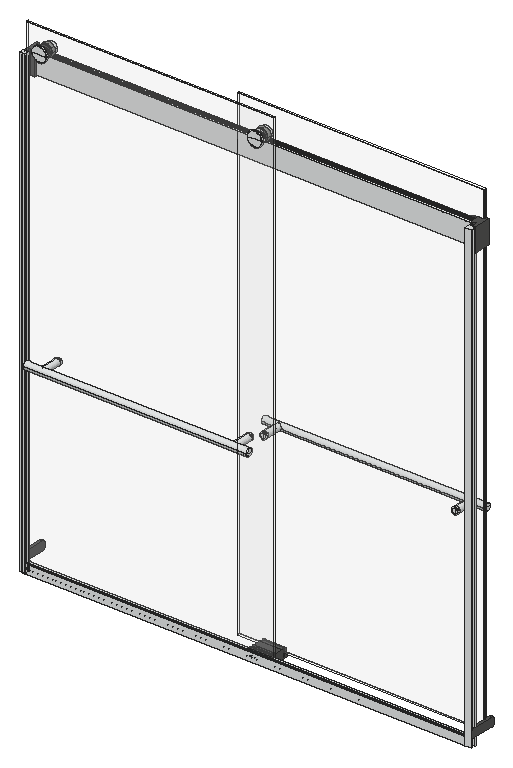
Revit family "Shower-Shower_Door-KOHLER-Levity_Plus-K-702420", category Specialty Equipment, host Face, Revit 2022 (continued)
Definition of nested family "K-702420"
  Dimensions and locks (in)
    aligned and locked: cut or joined group of Extrusion 15, Extrusion 16 to plane 6
    aligned and locked: Masking region 3 sketch curve to plane 20
    aligned and locked: curve 85 to Extrusion 13
    aligned and locked: curve 98 to Revolve 27
    aligned and locked: curve 99 to Masking region 4
    aligned and locked: Masking region 4 to curve 99
    aligned and locked: Masking region 4 to curve 105
    aligned and locked: curve 106 to Masking region 4
    aligned and locked: Masking region 4 to curve 106
    aligned and locked: curve 105 to Masking region 4
    aligned and locked: Masking region 4 to curve 104
    aligned and locked: Masking region 4 to curve 107
    aligned and locked: curve 108 to Masking region 4
    aligned and locked: Masking region 3 to curve 110
    aligned and locked: Extrusion 10 to curve 111
    aligned and locked: Extrusion 10 to curve 110
    aligned and locked: Masking region 3 to curve 111
    aligned and locked: curve 113 to Revolve 19
    aligned and locked: curve 114 to Revolve 19
    aligned and locked: curve 115 to Revolve 19
    aligned and locked: curve 104 to Masking region 4
    aligned and locked: curve 151 to Revolve 6
    aligned and locked: curve 152 to plane 30
    aligned and locked: curve 154 to Revolve 6
    aligned and locked: Masking region 3 to curve 109
    aligned and locked: curve 161 to Masking region 3
    aligned and locked: Masking region 3 to curve 162
    aligned and locked: Revolve 6 to curve 163
    aligned and locked: Masking region 3 to curve 169
    aligned and locked: curve 180 to Masking region 3
    aligned and locked: Masking region 3 to curve 183  (x2)
    aligned and locked: curve 189 to Masking region 3
    aligned and locked: Revolve 29 sketch curve to Revolve 27  (x2)
  Automatic sketch dimensions
    Extrusion 1 sketch curve to plane 5 = 0"
    Extrusion 1 sketch curve to Extrusion 1 sketch curve = 0.03079"
    plane 5 to Extrusion 1 sketch curve = 0.0315"
    Extrusion 1 sketch curve to Extrusion 1 sketch curve = 0.2541"
    Extrusion 1 sketch curve to Extrusion 1 sketch curve = 0.25668"
    plane 5 to Extrusion 1 sketch curve = 81/256"
    Extrusion 1 sketch curve to Extrusion 1 sketch curve = 0.0315"  (x2)
    Extrusion 1 sketch curve to Extrusion 1 sketch curve = 0.60218"
    Extrusion 1 sketch curve to Extrusion 1 sketch curve = 0.03039"
    Extrusion 1 sketch curve to plane 1 "Center (Front/Back)" = 0.35413"
    Extrusion 1 sketch curve to Extrusion 1 sketch curve = 0.47171"
    Extrusion 1 sketch curve to Extrusion 1 sketch curve = 1.10192"
    Extrusion 1 sketch curve to Extrusion 1 sketch curve = 0.00743"
    Extrusion 1 sketch curve to Extrusion 1 sketch curve = 0.34229"
    Extrusion 2 sketch curve to plane 5 = 0"  (x2)
    plane 1 "Center (Front/Back)" to Extrusion 2 sketch curve = 0"  (x2)
    plane 5 to Extrusion 2 sketch curve = 0.05752"  (x2)
    plane 5 to Extrusion 2 sketch curve = 0.18908"
    Extrusion 2 sketch curve to Extrusion 2 sketch curve = 0.04131"
    Extrusion 2 sketch curve to Extrusion 2 sketch curve = 0.09136"
    Extrusion 2 sketch curve to Extrusion 2 sketch curve = 0.19461"  (x2)
    Extrusion 2 sketch curve to Extrusion 2 sketch curve = 0.14115"  (x2)
    plane 1 "Center (Front/Back)" to Extrusion 2 sketch curve = 0.32797"
    Extrusion 2 sketch curve to Extrusion 2 sketch curve = 0.00361"  (x2)
    Extrusion 2 sketch curve to Extrusion 2 sketch curve = 0.10339"
    plane 1 "Center (Front/Back)" to Extrusion 2 sketch curve = 0.30702"
    Extrusion 2 sketch curve to Extrusion 2 sketch curve = 0.03454"  (x2)
    Extrusion 2 sketch curve to Extrusion 2 sketch curve = 0.01994"  (x2)
    Extrusion 2 sketch curve to Extrusion 2 sketch curve = 0.04271"  (x2)
    Extrusion 2 sketch curve to Extrusion 2 sketch curve = 0.06265"
    Extrusion 2 sketch curve to plane 1 "Center (Front/Back)" = 0.20982"
    Extrusion 2 sketch curve to Extrusion 2 sketch curve = 0"
    Extrusion 2 sketch curve to plane 1 "Center (Front/Back)" = 0.22464"
    Extrusion 3 sketch curve to plane 5 = 0"
    Extrusion 3 sketch curve to Extrusion 3 sketch curve = 0.05752"  (x2)
    plane 1 "Center (Front/Back)" to Extrusion 3 sketch curve = 0.32797"
    Extrusion 3 sketch curve to Extrusion 3 sketch curve = 0.59999"  (x2)
    Extrusion 3 sketch curve to Extrusion 3 sketch curve = 0.00361"  (x2)
    Extrusion 3 sketch curve to Extrusion 3 sketch curve = 0.10339"
    plane 1 "Center (Front/Back)" to Extrusion 3 sketch curve = 0.30702"
    Extrusion 3 sketch curve to Extrusion 3 sketch curve = 0.05449"  (x2)
    Extrusion 3 sketch curve to plane 1 "Center (Front/Back)" = 0.22464"
    Extrusion 3 sketch curve to plane 1 "Center (Front/Back)" = 0.25253"
    plane 1 "Center (Front/Back)" to Extrusion 4 sketch curve = 0.20982"
    plane 16 to Extrusion 4 sketch curve = 1.55993"
    Extrusion 4 sketch curve to Extrusion 4 sketch curve = 0.01972"
    Extrusion 4 sketch curve to Extrusion 4 sketch curve = 0.25882"
    level to Extrusion 4 sketch curve = 1.05663"
    Extrusion 4 sketch curve to Extrusion 4 sketch curve = 0.57809"
    Extrusion 5 sketch curve to level = 0"
    Extrusion 5 sketch curve to plane 1 "Center (Front/Back)" = 0"
    plane 1 "Center (Front/Back)" to Extrusion 5 sketch curve = 0.19878"
    Extrusion 5 sketch curve to plane 1 "Center (Front/Back)" = 3/128"
    Extrusion 5 sketch curve to Extrusion 5 sketch curve = 0.04434"
    Extrusion 5 sketch curve to Extrusion 5 sketch curve = 0.04019"
    Extrusion 5 sketch curve to Extrusion 5 sketch curve = 0.07819"
    Extrusion 5 sketch curve to Extrusion 5 sketch curve = 0.0297"
    Extrusion 5 sketch curve to Extrusion 5 sketch curve = 0.02696"
    level to Extrusion 5 sketch curve = 0.07959"
    Extrusion 5 sketch curve to plane 1 "Center (Front/Back)" = 0.14319"
    Extrusion 5 sketch curve to Extrusion 5 sketch curve = 0.05652"
    Extrusion 5 sketch curve to Extrusion 5 sketch curve = 0.06857"
    Extrusion 5 sketch curve to Extrusion 5 sketch curve = 0.02971"
    Extrusion 5 sketch curve to Extrusion 5 sketch curve = 0.03753"
    Extrusion 5 sketch curve to Extrusion 5 sketch curve = 0.02998"
    Extrusion 5 sketch curve to Extrusion 5 sketch curve = 45/128"
    Extrusion 5 sketch curve to Extrusion 5 sketch curve = 0.34333"
    Extrusion 5 sketch curve to Extrusion 5 sketch curve = 0.07224"
    Extrusion 5 sketch curve to Extrusion 5 sketch curve = 0.01101"
    Extrusion 5 sketch curve to Extrusion 5 sketch curve = 15/128"
    Extrusion 5 sketch curve to Extrusion 5 sketch curve = 0.50603"
    Extrusion 5 sketch curve to Extrusion 5 sketch curve = 0.00157"
    Extrusion 5 sketch curve to Extrusion 5 sketch curve = 0.02425"
    Extrusion 5 sketch curve to Extrusion 5 sketch curve = 0.01999"
    Extrusion 5 sketch curve to Extrusion 5 sketch curve = 0.04542"
    Extrusion 5 sketch curve to Extrusion 5 sketch curve = 0.01816"
    Revolve 6 sketch curve to plane 12 = 0"  (x2)
    Revolve 6 sketch curve to plane 1 "Center (Front/Back)" = 1.79905"
    Revolve 6 sketch curve to Revolve 6 sketch curve = 0.36643"
    Revolve 6 sketch curve to Revolve 6 sketch curve = 0.18701"  (x2)
    Revolve 6 sketch curve to Revolve 6 sketch curve = 0.13646"
    Revolve 6 sketch curve to Revolve 6 sketch curve = 0.19685"  (x2)
    Revolve 6 sketch curve to Revolve 6 sketch curve = 0.312"
    Revolve 6 sketch curve to plane 1 "Center (Front/Back)" = 0.06827"
    Revolve 6 sketch curve to plane 1 "Center (Front/Back)" = 0.02811"
    plane 1 "Center (Front/Back)" to Revolve 6 sketch curve = 0.09751"
    Revolve 6 sketch curve to Revolve 6 sketch curve = 0.04293"
    plane 12 to Revolve 6 sketch curve = 0.4638"
    plane 12 to Revolve 6 sketch curve = 0.47661"
    Revolve 6 sketch curve to Revolve 6 sketch curve = 0.05951"
    Revolve 6 sketch curve to Revolve 6 sketch curve = 0.21742"
    Revolve 6 sketch curve to Revolve 6 sketch curve = 0.26917"
    Revolve 6 sketch curve to Revolve 6 sketch curve = 0.05219"
    Revolve 6 sketch curve to Revolve 6 sketch curve = 0.23207"
    Revolve 6 sketch curve to Revolve 6 sketch curve = 0.00276"
    Revolve 6 sketch curve to Revolve 6 sketch curve = 0.04017"
    Revolve 6 sketch curve to Revolve 6 sketch curve = 0.98425"
    Revolve 6 sketch curve to Revolve 6 sketch curve = 0"
    Revolve 7 sketch curve to plane 11 = 0"  (x2)
    Revolve 7 sketch curve to plane 1 "Center (Front/Back)" = 1.79905"
    Revolve 7 sketch curve to Revolve 7 sketch curve = 0.36643"
    Revolve 7 sketch curve to Revolve 7 sketch curve = 0.18701"  (x2)
    Revolve 7 sketch curve to Revolve 7 sketch curve = 0.13646"
    Revolve 7 sketch curve to Revolve 7 sketch curve = 0.19685"  (x2)
    Revolve 7 sketch curve to Revolve 7 sketch curve = 0.35769"
    Revolve 7 sketch curve to plane 1 "Center (Front/Back)" = 0.06827"
    Revolve 7 sketch curve to plane 1 "Center (Front/Back)" = 0.02811"
    plane 1 "Center (Front/Back)" to Revolve 7 sketch curve = 0.09751"
    Revolve 7 sketch curve to Revolve 7 sketch curve = 0.04293"
    plane 11 to Revolve 7 sketch curve = 0.4638"
    plane 11 to Revolve 7 sketch curve = 0.47661"
    Revolve 7 sketch curve to Revolve 7 sketch curve = 0.05951"
    Revolve 7 sketch curve to Revolve 7 sketch curve = 0.21742"
    Revolve 7 sketch curve to Revolve 7 sketch curve = 0.26917"
    Revolve 7 sketch curve to Revolve 7 sketch curve = 0.05219"
    Revolve 7 sketch curve to Revolve 7 sketch curve = 0.23207"
    Revolve 7 sketch curve to Revolve 7 sketch curve = 0.00276"
    Revolve 7 sketch curve to Revolve 7 sketch curve = 0.04017"
    Revolve 7 sketch curve to Revolve 7 sketch curve = 0.98425"
    Revolve 7 sketch curve to Revolve 7 sketch curve = 0"
    Extrusion 8 sketch curve to plane 8 = 0"
    Extrusion 8 sketch curve to plane 9 = 0"  (x2)
    Extrusion 8 sketch curve to plane 1 "Center (Front/Back)" = 0.97838"
    Extrusion 8 sketch curve to plane 9 = 0.01983"
    Extrusion 8 sketch curve to Extrusion 8 sketch curve = 0.04771"
    Extrusion 8 sketch curve to plane 9 = 0.17086"
    Extrusion 8 sketch curve to Extrusion 8 sketch curve = 0.19946"
    Extrusion 8 sketch curve to Extrusion 8 sketch curve = 0.06749"
    Extrusion 8 sketch curve to Extrusion 8 sketch curve = 0.07625"
    Extrusion 8 sketch curve to plane 9 = 0.09209"
    Extrusion 8 sketch curve to Extrusion 8 sketch curve = 0.10945"
    Extrusion 8 sketch curve to Extrusion 8 sketch curve = 0.00724"
    Extrusion 8 sketch curve to Extrusion 8 sketch curve = 0.01781"
    Extrusion 8 sketch curve to Extrusion 8 sketch curve = 0.07472"
    plane 8 to Extrusion 8 sketch curve = 0.24844"
    Extrusion 8 sketch curve to Extrusion 8 sketch curve = 0.26709"
    Extrusion 8 sketch curve to Extrusion 8 sketch curve = 0.25238"
    Extrusion 8 sketch curve to Extrusion 8 sketch curve = 0.11432"
    Extrusion 8 sketch curve to Extrusion 8 sketch curve = 0.167"
    Extrusion 8 sketch curve to Extrusion 8 sketch curve = 0.38221"
    Extrusion 8 sketch curve to Extrusion 8 sketch curve = 0.02708"
    plane 8 to Extrusion 8 sketch curve = 0.06014"
    Extrusion 8 sketch curve to Extrusion 8 sketch curve = 0.03426"
    Extrusion 8 sketch curve to Extrusion 8 sketch curve = 0.04358"
    Extrusion 8 sketch curve to Extrusion 8 sketch curve = 0.05805"
    Extrusion 8 sketch curve to Extrusion 8 sketch curve = 0.04965"
    Extrusion 8 sketch curve to Extrusion 8 sketch curve = 0.03062"
    Extrusion 8 sketch curve to Extrusion 8 sketch curve = 0.27127"
    Extrusion 8 sketch curve to Extrusion 8 sketch curve = 0.01337"
    Extrusion 8 sketch curve to Extrusion 8 sketch curve = 1/8"
    Extrusion 8 sketch curve to Extrusion 8 sketch curve = 0.62317"
    Extrusion 8 sketch curve to Extrusion 8 sketch curve = 0.09894"
    Extrusion 8 sketch curve to Extrusion 8 sketch curve = 0.11003"
    Extrusion 8 sketch curve to Extrusion 8 sketch curve = 0.06863"
    Extrusion 8 sketch curve to Extrusion 8 sketch curve = 0.04403"
    Extrusion 8 sketch curve to Extrusion 8 sketch curve = 0.07343"
    Extrusion 8 sketch curve to Extrusion 8 sketch curve = 0.06223"
    Extrusion 9 sketch curve to plane 3 "Center (Left/Right)" = 0.06152"  (x2)
    Extrusion 9 sketch curve to plane 1 "Center (Front/Back)" = 0.7253"
    Extrusion 9 sketch curve to Extrusion 9 sketch curve = 0.156"  (x2)
    Extrusion 9 sketch curve to plane 3 "Center (Left/Right)" = 0.22365"
    plane 5 to Extrusion 9 sketch curve = 0.56656"
    Extrusion 9 sketch curve to Extrusion 9 sketch curve = 0.18895"
    Extrusion 10 sketch curve to level = 0"
    Extrusion 10 sketch curve to plane 1 "Center (Front/Back)" = 0.30693"
    Extrusion 10 sketch curve to Extrusion 10 sketch curve = 0.16911"
    Extrusion 10 sketch curve to Extrusion 10 sketch curve = 0.03435"
    Extrusion 10 sketch curve to Extrusion 10 sketch curve = 0.04675"
    Extrusion 10 sketch curve to Extrusion 10 sketch curve = 0.27567"
    Extrusion 10 sketch curve to Extrusion 10 sketch curve = 0.02104"  (x2)
    level to Extrusion 10 sketch curve = 0.22974"  (x2)
    Extrusion 10 sketch curve to Extrusion 10 sketch curve = 0.10752"
    Extrusion 10 sketch curve to Extrusion 10 sketch curve = 0.08964"  (x2)
    Extrusion 10 sketch curve to Extrusion 10 sketch curve = 0.18469"  (x2)
    level to Extrusion 10 sketch curve = 0.22333"  (x2)
    Extrusion 10 sketch curve to Extrusion 10 sketch curve = 0.08608"  (x2)
    Extrusion 10 sketch curve to plane 1 "Center (Front/Back)" = 0.99117"
    Extrusion 10 sketch curve to Extrusion 10 sketch curve = 0.41665"  (x2)
    Extrusion 10 sketch curve to Extrusion 10 sketch curve = 0.04608"  (x2)
    Extrusion 10 sketch curve to Extrusion 10 sketch curve = 1.03242"
    level to Extrusion 10 sketch curve = 1.02412"
    Extrusion 10 sketch curve to Extrusion 10 sketch curve = 0.04197"
    Extrusion 10 sketch curve to Extrusion 10 sketch curve = 0.13366"
    level to Extrusion 10 sketch curve = 1.04611"
    Extrusion 10 sketch curve to Extrusion 10 sketch curve = 0.02291"
    Extrusion 10 sketch curve to Extrusion 10 sketch curve = 0.2467"
    level to Extrusion 10 sketch curve = 0.08994"
    Extrusion 10 sketch curve to Extrusion 10 sketch curve = 0.03772"
    Extrusion 10 sketch curve to Extrusion 10 sketch curve = 0.08809"
    Extrusion 10 sketch curve to Extrusion 10 sketch curve = 0.08169"
    Extrusion 10 sketch curve to Extrusion 10 sketch curve = 0.79837"
    Extrusion 10 sketch curve to Extrusion 10 sketch curve = 0.00241"
    Extrusion 10 sketch curve to Extrusion 10 sketch curve = 0.0012"
    Extrusion 10 sketch curve to Extrusion 10 sketch curve = 0.02268"
    Extrusion 10 sketch curve to Extrusion 10 sketch curve = 0.02105"
    Extrusion 10 sketch curve to Extrusion 10 sketch curve = 0.00037"
    Extrusion 10 sketch curve to Extrusion 10 sketch curve = 1.18136"
    plane 18 "X" to Revolve 11 sketch curve = 0"  (x2)
    Revolve 11 sketch curve to plane 18 "X" = 0.60618"
    Revolve 11 sketch curve to Revolve 11 sketch curve = 0.05802"
    Revolve 11 sketch curve to Revolve 11 sketch curve = 0.12991"
    Revolve 11 sketch curve to Revolve 11 sketch curve = 0.23375"
    Revolve 11 sketch curve to Revolve 11 sketch curve = 0.00086"
    Revolve 11 sketch curve to Revolve 11 sketch curve = 0.04165"  (x2)
    plane 16 to Revolve 11 sketch curve = 1.44522"
    Revolve 11 sketch curve to Revolve 11 sketch curve = 0.04078"
    Revolve 11 sketch curve to Revolve 11 sketch curve = 0.12631"
    Revolve 11 sketch curve to Revolve 11 sketch curve = 0.29364"
    Revolve 11 sketch curve to Revolve 11 sketch curve = 0.3614"
    Revolve 11 sketch curve to Revolve 11 sketch curve = 0.25664"
    Revolve 11 sketch curve to Revolve 11 sketch curve = 0.3937"
    Revolve 11 sketch curve to Revolve 11 sketch curve = 0.50511"
    plane 18 "X" to Revolve 12 sketch curve = 0"  (x2)
    Revolve 12 sketch curve to plane 18 "X" = 0.60618"
    Revolve 12 sketch curve to Revolve 12 sketch curve = 0.05802"
    Revolve 12 sketch curve to Revolve 12 sketch curve = 0.12991"
    Revolve 12 sketch curve to Revolve 12 sketch curve = 0.23375"
    Revolve 12 sketch curve to Revolve 12 sketch curve = 0.00086"
    Revolve 12 sketch curve to Revolve 12 sketch curve = 0.04165"  (x2)
    plane 16 to Revolve 12 sketch curve = 1.44522"
    Revolve 12 sketch curve to Revolve 12 sketch curve = 0.04078"
    Revolve 12 sketch curve to Revolve 12 sketch curve = 0.12631"
    Revolve 12 sketch curve to Revolve 12 sketch curve = 0.29364"
    Revolve 12 sketch curve to Revolve 12 sketch curve = 0.3614"
    Revolve 12 sketch curve to Revolve 12 sketch curve = 0.25664"
    Revolve 12 sketch curve to Revolve 12 sketch curve = 0.3937"
    Revolve 12 sketch curve to Revolve 12 sketch curve = 0.50511"
    plane 1 "Center (Front/Back)" to Extrusion 14 sketch curve = 0.23901"
    plane 16 to Extrusion 14 sketch curve = 1.55993"
    Extrusion 14 sketch curve to Extrusion 14 sketch curve = 0.01972"
    Extrusion 14 sketch curve to Extrusion 14 sketch curve = 0.25882"
    level to Extrusion 14 sketch curve = 2.13263"
    Extrusion 14 sketch curve to Extrusion 14 sketch curve = 0.57809"
    plane 9 to curve 21 = 0.25632"
    curve 8 to curve 6 = 0.0365"
    plane 9 to curve 19 = 0.21982"
    curve 8 to curve 28 = 0.07332"
    curve 12 to plane 8 = 0.19502"
    level to curve 32 = 0.72015"
    level to curve 34 = 0.08036"
    plane 16 to curve 13 = 2.07456"
    curve 22 to plane 1 "Center (Front/Back)" = 0.4133"
    curve 32 to plane 1 "Center (Front/Back)" = 0.4133"
    curve 1 to curve 23 = 0.05917"
    curve 22 to curve 21 = 0.02657"
    curve 22 to curve 25 = 0.08166"
    plane 1 "Center (Front/Back)" to curve 34 = 0.20982"
    curve 24 to curve 25 = 0.06265"
    curve 7 to plane 10 "A" = 0.4638"
    curve 6 to curve 7 = 0"
    curve 4 to curve 6 = 0.07232"
    curve 3 to curve 4 = 0"
    curve 9 to plane 1 "Center (Front/Back)" = 0.06827"
    curve 9 to curve 7 = 0.19685"
    curve 2 to curve 3 = 0.15792"
    curve 5 to curve 4 = 0.19685"
    curve 11 to plane 1 "Center (Front/Back)" = 0.02728"
    curve 11 to curve 9 = 0.27504"
    curve 11 to curve 10 = 0"
    curve 17 to plane 9 = 0.53937"
    curve 18 to curve 17 = 0"  (x2)
    curve 17 to curve 14 = 0.2754"
    curve 14 to curve 15 = 0.05796"
    curve 15 to curve 16 = 0"
    plane 8 to curve 15 = 0.47391"
    curve 15 to curve 16 = 0.00005"
    curve 15 to curve 14 = 0.05802"
    plane 8 to curve 17 = 0.1405"
    curve 20 to plane 8 = 0.19502"
    curve 20 to curve 23 = 0"
    curve 23 to curve 21 = 0"
    curve 35 to curve 32 = 1.41249"
    curve 36 to curve 32 = 1.41249"
    curve 36 to curve 37 = 0"
    curve 30 to curve 32 = 0.33649"
    curve 29 to curve 30 = 0"
    curve 30 to curve 38 = 0"
    curve 31 to curve 31 = 0.35205"
    curve 24 to curve 28 = 0"
    curve 18 to curve 13 = 0.58856"
    curve 18 to curve 17 = 0.12631"
    curve 17 to curve 14 = 0.04165"
    plane 16 to curve 29 = 1.73836"
    curve 29 to curve 29 = 0.17689"
    curve 14 to curve 15 = 0.29364"
    curve 15 to curve 16 = 0.0494"
    curve 29 to curve 35 = 0.08175"
    curve 29 to curve 30 = 0.08175"
    curve 35 to curve 35 = 0.312"
    curve 13 to curve 19 = 0.23444"
    curve 12 to curve 12 = 0.23444"
    curve 30 to curve 31 = 0.312"
    curve 19 to curve 1 = 0.36888"
    curve 2 to curve 6 = 1.01932"
    curve 2 to curve 3 = 0.37402"
    curve 30 to curve 33 = 0.62292"
    curve 3 to curve 4 = 0.13646"
    curve 20 to curve 23 = 0.37117"
    curve 30 to curve 38 = 0.31092"
    curve 4 to curve 5 = 0.19685"
    curve 36 to curve 37 = 0.45283"
    curve 32 to curve 32 = 0.19605"
    curve 36 to curve 37 = 0.14083"
    curve 20 to curve 23 = 0.05917"
    curve 6 to curve 7 = 0.04569"
    curve 34 to curve 27 = 0.05556"
    curve 37 to curve 37 = 0.05509"
    curve 39 to curve 38 = 0.03445"
    curve 27 to curve 26 = 0.06265"
    plane 1 "Center (Front/Back)" to curve 10 = 0.09747"
    curve 8 to curve 24 = 0.00657"
    Extrusion 18 sketch curve to plane 5 = 0"
    Extrusion 18 sketch curve to plane 1 "Center (Front/Back)" = 0.32797"
    plane 1 "Center (Front/Back)" to Extrusion 18 sketch curve = 0.32797"
    Extrusion 18 sketch curve to Extrusion 18 sketch curve = 0.76451"
    Revolve 19 sketch curve to plane 11 = 0"  (x2)
    Revolve 19 sketch curve to Revolve 19 sketch curve = 0.19685"  (x2)
    Revolve 19 sketch curve to Revolve 19 sketch curve = 0.13646"
    Revolve 19 sketch curve to Revolve 19 sketch curve = 0.37402"
    Revolve 19 sketch curve to Revolve 19 sketch curve = 0.36643"
    Revolve 19 sketch curve to plane 1 "Center (Front/Back)" = 0.06827"
    plane 1 "Center (Front/Back)" to Revolve 19 sketch curve = 0.14044"
    plane 11 to Revolve 19 sketch curve = 0.53612"
    Revolve 19 sketch curve to Revolve 19 sketch curve = 0.12453"
    Revolve 19 sketch curve to Revolve 19 sketch curve = 0.15792"
    Revolve 19 sketch curve to Revolve 19 sketch curve = 0.07232"
    Revolve 19 sketch curve to Revolve 19 sketch curve = 0.05219"
    Revolve 19 sketch curve to Revolve 19 sketch curve = 0.275"
    Revolve 19 sketch curve to Revolve 19 sketch curve = 0.31118"
    Revolve 20 sketch curve to plane 12 = 0"  (x2)
    Revolve 20 sketch curve to plane 1 "Center (Front/Back)" = 1.79905"
    Revolve 20 sketch curve to Revolve 20 sketch curve = 0.36643"
    Revolve 20 sketch curve to Revolve 20 sketch curve = 0.37402"
    Revolve 20 sketch curve to Revolve 20 sketch curve = 0.13646"
    Revolve 20 sketch curve to Revolve 20 sketch curve = 0.19685"  (x2)
    Revolve 20 sketch curve to plane 1 "Center (Front/Back)" = 0.06827"
    plane 1 "Center (Front/Back)" to Revolve 20 sketch curve = 0.14044"
    plane 12 to Revolve 20 sketch curve = 0.53612"
    Revolve 20 sketch curve to Revolve 20 sketch curve = 0.12453"
    Revolve 20 sketch curve to Revolve 20 sketch curve = 0.15792"
    Revolve 20 sketch curve to Revolve 20 sketch curve = 0.07232"
    Revolve 20 sketch curve to Revolve 20 sketch curve = 0.05219"
    Revolve 20 sketch curve to Revolve 20 sketch curve = 0.275"
    Revolve 20 sketch curve to Revolve 20 sketch curve = 0.31118"
    Extrusion 21 sketch curve to plane 8 = 0"
    Extrusion 21 sketch curve to plane 9 = 0"
    Extrusion 21 sketch curve to plane 1 "Center (Front/Back)" = 0.97838"
    Extrusion 21 sketch curve to Extrusion 21 sketch curve = 0.94794"
    Revolve 22 sketch curve to plane 23 "N" = 0"  (x2)
    Revolve 22 sketch curve to plane 15 = 0"  (x2)
    Revolve 22 sketch curve to plane 1 "Center (Front/Back)" = 0.7253"
    Revolve 22 sketch curve to Revolve 22 sketch curve = 0.05298"
    Revolve 22 sketch curve to Revolve 22 sketch curve = 0.20844"
    Revolve 22 sketch curve to Revolve 22 sketch curve = 0.02858"
    plane 23 "N" to Revolve 22 sketch curve = 0.31094"
    Revolve 22 sketch curve to Revolve 22 sketch curve = 0.06877"
    plane 13 to Revolve 22 sketch curve = 0.14692"
    Revolve 23 sketch curve to plane 23 "N" = 0"  (x2)
    Revolve 23 sketch curve to plane 15 = 0"  (x2)
    Revolve 23 sketch curve to plane 1 "Center (Front/Back)" = 0.7253"
    Revolve 23 sketch curve to Revolve 23 sketch curve = 0.05298"
    Revolve 23 sketch curve to Revolve 23 sketch curve = 0.20844"
    Revolve 23 sketch curve to Revolve 23 sketch curve = 0.02858"
    plane 23 "N" to Revolve 23 sketch curve = 0.31094"
    Revolve 23 sketch curve to Revolve 23 sketch curve = 0.06877"
    plane 13 to Revolve 23 sketch curve = 0.14692"
    plane 15 to Revolve 24 sketch curve = 0"  (x2)
    Revolve 24 sketch curve to plane 25 = 0"
    plane 13 to Revolve 24 sketch curve = 0"
    Revolve 24 sketch curve to plane 24 = 0"
    Revolve 24 sketch curve to plane 25 = 0.05411"
    plane 24 to Revolve 24 sketch curve = 0.05259"
    Revolve 24 sketch curve to plane 13 = 0.05411"
    Revolve 24 sketch curve to plane 13 = 0.05259"
    plane 25 to Revolve 24 sketch curve = 0.08398"
    Revolve 24 sketch curve to Revolve 24 sketch curve = 0.13456"
    Revolve 25 sketch curve to plane 23 "N" = 0"  (x2)
    plane 16 to Revolve 25 sketch curve = 2.60031"
    Revolve 25 sketch curve to Revolve 25 sketch curve = 0.02858"
    Revolve 25 sketch curve to Revolve 25 sketch curve = 0.20844"
    Revolve 25 sketch curve to Revolve 25 sketch curve = 0.05298"
    Revolve 25 sketch curve to plane 14 = 0.42618"
    plane 23 "N" to Revolve 25 sketch curve = 0.31094"
    Revolve 25 sketch curve to Revolve 25 sketch curve = 0.06877"
    Revolve 25 sketch curve to Revolve 25 sketch curve = 0.59055"
    Revolve 25 sketch curve to Revolve 25 sketch curve = 0"
    Revolve 26 sketch curve to plane 23 "N" = 0"  (x2)
    Revolve 26 sketch curve to plane 1 "Center (Front/Back)" = 1.87663"
    Revolve 26 sketch curve to Revolve 26 sketch curve = 0.02858"
    Revolve 26 sketch curve to Revolve 26 sketch curve = 0.20844"
    Revolve 26 sketch curve to Revolve 26 sketch curve = 0.05298"
    plane 16 to Revolve 26 sketch curve = 0.00131"
    plane 23 "N" to Revolve 26 sketch curve = 0.31094"
    Revolve 26 sketch curve to Revolve 26 sketch curve = 0.06877"
    Revolve 26 sketch curve to Revolve 26 sketch curve = 0.59055"
    Revolve 26 sketch curve to Revolve 26 sketch curve = 0"
    plane 16 to Revolve 27 sketch curve = 0"  (x2)
    Revolve 27 sketch curve to plane 14 = 0"
    Revolve 27 sketch curve to Revolve 27 sketch curve = 0.05025"
    Revolve 27 sketch curve to Revolve 27 sketch curve = 0.04962"
    Revolve 27 sketch curve to plane 14 = 0.04962"
    Revolve 27 sketch curve to plane 14 = 0.05025"
    Revolve 27 sketch curve to Revolve 27 sketch curve = 0.14206"
    Revolve 27 sketch curve to Revolve 27 sketch curve = 0.19685"
    Masking region 1 sketch curve to plane 4 = 0"  (x2)
    Masking region 1 sketch curve to plane 23 "N" = 0"  (x4)
    Masking region 1 sketch curve to plane 15 = 0"
    Masking region 1 sketch curve to level = 0"  (x2)
    plane 1 "Center (Front/Back)" to Masking region 1 sketch curve = 0.09747"
    Masking region 1 sketch curve to plane 10 "A" = 0.93569"
    Masking region 1 sketch curve to plane 1 "Center (Front/Back)" = 0.06827"
    Masking region 1 sketch curve to Masking region 1 sketch curve = 0.04099"
    plane 1 "Center (Front/Back)" to Masking region 1 sketch curve = 0.14044"
    Masking region 1 sketch curve to Masking region 1 sketch curve = 11/256"
    Masking region 1 sketch curve to plane 10 "A" = 0.74622"
    Masking region 1 sketch curve to Masking region 1 sketch curve = 0"  (x6)
    Masking region 1 sketch curve to Masking region 1 sketch curve = 0.01326"
    Masking region 1 sketch curve to Masking region 1 sketch curve = 0.05219"
    Masking region 1 sketch curve to Masking region 1 sketch curve = 0.07232"
    Masking region 1 sketch curve to Masking region 1 sketch curve = 0.19685"  (x2)
    Masking region 1 sketch curve to Masking region 1 sketch curve = 0.04123"
    plane 9 to Masking region 1 sketch curve = 0.25632"
    plane 9 to Masking region 1 sketch curve = 0.21982"
    Masking region 1 sketch curve to plane 9 = 0.53937"
    Masking region 1 sketch curve to Masking region 1 sketch curve = 0.04078"  (x4)
    Masking region 1 sketch curve to Masking region 1 sketch curve = 0.04165"  (x3)
    Masking region 1 sketch curve to Masking region 1 sketch curve = 0.23375"
    Masking region 1 sketch curve to Masking region 1 sketch curve = 0.05796"  (x2)
    plane 8 to Masking region 1 sketch curve = 0.47386"
    plane 8 to Masking region 1 sketch curve = 0.18215"
    plane 8 to Masking region 1 sketch curve = 0.18128"
    Masking region 1 sketch curve to plane 8 = 0.19502"  (x2)
    Masking region 1 sketch curve to plane 1 "Center (Front/Back)" = 2.16793"
    plane 23 "N" to Masking region 1 sketch curve = 8.53835"
    Masking region 1 sketch curve to plane 1 "Center (Front/Back)" = 0.7253"  (x2)
    Masking region 1 sketch curve to Masking region 1 sketch curve = 0.49901"
    Masking region 1 sketch curve to Masking region 1 sketch curve = 0.1255"  (x2)
    plane 23 "N" to Masking region 1 sketch curve = 0.41137"  (x2)
    Masking region 1 sketch curve to Masking region 1 sketch curve = 0.01592"  (x2)
    Masking region 1 sketch curve to Masking region 1 sketch curve = 0.00199"
    plane 16 to Masking region 1 sketch curve = 0.16137"  (x2)
    plane 23 "N" to Masking region 1 sketch curve = 0.39345"
    Masking region 1 sketch curve to Masking region 1 sketch curve = 0.01868"
    Masking region 1 sketch curve to Masking region 1 sketch curve = 0.03133"  (x3)
    Masking region 1 sketch curve to Masking region 1 sketch curve = 0.14387"
    Masking region 1 sketch curve to Masking region 1 sketch curve = 0.12518"  (x2)
    Masking region 1 sketch curve to plane 23 "N" = 0.2675"  (x2)
    Masking region 1 sketch curve to Masking region 1 sketch curve = 0.11254"  (x2)
    Masking region 1 sketch curve to plane 23 "N" = 0.39345"  (x2)
    Masking region 1 sketch curve to Masking region 1 sketch curve = 0.12795"
    Masking region 1 sketch curve to plane 1 "Center (Front/Back)" = 0.4133"
    Masking region 1 sketch curve to Masking region 1 sketch curve = 3.94269"
    Masking region 1 sketch curve to plane 1 "Center (Front/Back)" = 0.99117"
    level to Masking region 1 sketch curve = 2.24921"
    Masking region 1 sketch curve to Masking region 1 sketch curve = 0.11658"
    Masking region 1 sketch curve to Masking region 1 sketch curve = 0.25882"
    Masking region 1 sketch curve to Masking region 1 sketch curve = 0.57809"
    level to Masking region 1 sketch curve = 1.05663"
    Masking region 1 sketch curve to Masking region 1 sketch curve = 0.23909"
    Masking region 1 sketch curve to Masking region 1 sketch curve = 0.03251"
    Masking region 1 sketch curve to Masking region 1 sketch curve = 0.00241"
    Masking region 1 sketch curve to Masking region 1 sketch curve = 0.33649"
    Masking region 1 sketch curve to Masking region 1 sketch curve = 0.35205"
    level to Masking region 1 sketch curve = 0.2313"  (x2)
    Masking region 1 sketch curve to Masking region 1 sketch curve = 0.00156"  (x2)
    Masking region 1 sketch curve to Masking region 1 sketch curve = 0.00346"  (x2)
    Masking region 1 sketch curve to Masking region 1 sketch curve = 0.00451"  (x2)
    Masking region 1 sketch curve to Masking region 1 sketch curve = 0.06772"
    Masking region 1 sketch curve to Masking region 1 sketch curve = 0.0862"  (x2)
    Masking region 1 sketch curve to Masking region 1 sketch curve = 0.03435"
    Masking region 1 sketch curve to Masking region 1 sketch curve = 0.03772"
    level to Masking region 1 sketch curve = 0.08036"
    Masking region 1 sketch curve to Masking region 1 sketch curve = 0.01035"
    plane 16 to Masking region 1 sketch curve = 0.00131"
    plane 16 to Masking region 1 sketch curve = 1.30112"
    Masking region 1 sketch curve to Masking region 1 sketch curve = 0.86378"
    Masking region 1 sketch curve to Masking region 1 sketch curve = 0.12631"  (x2)
    Masking region 1 sketch curve to Masking region 1 sketch curve = 0.52103"
    Masking region 1 sketch curve to Masking region 1 sketch curve = 0.19815"
    Masking region 1 sketch curve to Masking region 1 sketch curve = 0.17689"
    Masking region 1 sketch curve to Masking region 1 sketch curve = 0.27433"
    Masking region 1 sketch curve to Masking region 1 sketch curve = 0.29364"  (x2)
    Masking region 1 sketch curve to Masking region 1 sketch curve = 0.312"  (x4)
    Masking region 1 sketch curve to Masking region 1 sketch curve = 0.3829"
    plane 16 to Masking region 1 sketch curve = 1.997"
    Masking region 1 sketch curve to Masking region 1 sketch curve = 0.08175"
    Masking region 1 sketch curve to Masking region 1 sketch curve = 0.69668"
    Masking region 1 sketch curve to Masking region 1 sketch curve = 0.19286"  (x2)
    Masking region 1 sketch curve to Masking region 1 sketch curve = 0.36888"
    Masking region 1 sketch curve to Masking region 1 sketch curve = 0.36643"
    Masking region 1 sketch curve to Masking region 1 sketch curve = 0.18701"
    Masking region 1 sketch curve to Masking region 1 sketch curve = 0.0752"
    Masking region 1 sketch curve to Masking region 1 sketch curve = 0.03015"
    Masking region 1 sketch curve to Masking region 1 sketch curve = 0.22419"
    Masking region 1 sketch curve to Masking region 1 sketch curve = 0.01285"
    Masking region 1 sketch curve to Masking region 1 sketch curve = 0.13646"
    Masking region 1 sketch curve to Masking region 1 sketch curve = 0.29499"
    Masking region 1 sketch curve to Masking region 1 sketch curve = 0.18469"
    Masking region 1 sketch curve to Masking region 1 sketch curve = 0.11595"
    Masking region 1 sketch curve to Masking region 1 sketch curve = 0.06077"
    Masking region 1 sketch curve to Masking region 1 sketch curve = 0.04675"
    Masking region 1 sketch curve to Masking region 1 sketch curve = 0.05319"
    Masking region 1 sketch curve to Masking region 1 sketch curve = 0.04569"
    Masking region 1 sketch curve to Masking region 1 sketch curve = 0.08574"  (x2)
    Masking region 1 sketch curve to Masking region 1 sketch curve = 0.14848"
    Masking region 1 sketch curve to plane 1 "Center (Front/Back)" = 0.02728"
    plane 1 "Center (Front/Back)" to Masking region 1 sketch curve = 0.19878"
    Masking region 1 sketch curve to Masking region 1 sketch curve = 0.12925"
    Masking region 1 sketch curve to Masking region 1 sketch curve = 0.18759"
    Masking region 1 sketch curve to plane 15 = 0.20495"  (x2)
    curve 59 to curve 60 = 0"  (x2)
    curve 65 to curve 66 = 0"  (x2)
    curve 65 to curve 67 = 0"  (x2)
    curve 66 to curve 67 = 0"  (x2)
    curve 65 to plane 23 "N" = 0"
    curve 67 to plane 15 = 0"
    curve 60 to plane 23 "N" = 0"
    curve 60 to plane 16 = 0"
    curve 58 to plane 23 "N" = 0"
    curve 58 to plane 16 = 0.00063"
    curve 66 to plane 13 = 0.05259"
    curve 67 to plane 15 = 0.20495"  (x2)
    plane 1 "Center (Front/Back)" to curve 64 = 0.32803"
    curve 63 to plane 1 "Center (Front/Back)" = 0.32756"
    curve 63 to curve 62 = 0.08574"
    curve 62 to curve 61 = 0.312"
    plane 23 "N" to curve 56 = 0.39479"
    curve 61 to curve 56 = 1.44132"
    curve 56 to curve 57 = 0.31331"
    curve 60 to curve 59 = 0.37525"
    plane 16 to curve 58 = 0.16137"  (x2)
    curve 56 to plane 23 "N" = 0.39262"
    curve 67 to plane 23 "N" = 0.39345"
    curve 62 to plane 23 "N" = 0.39345"
    curve 58 to plane 23 "N" = 0.39345"
    curve 63 to curve 62 = 0"  (x2)
    curve 64 to plane 23 "N" = 0.39345"
    curve 57 to curve 56 = 0.00084"
    curve 61 to curve 62 = 0.00199"
    plane 23 "N" to curve 64 = 0.39345"
    plane 23 "N" to curve 62 = 0.39345"
    curve 57 to curve 56 = 0.00133"
    curve 62 to curve 61 = 0.00199"
    curve 44 to curve 45 = 0"  (x2)
    curve 46 to curve 47 = 0"  (x2)
    curve 69 to plane 24 = 0"
    curve 44 to plane 10 "A" = 0"
    plane 11 to curve 44 = 0"
    curve 47 to plane 10 "A" = 0"
    plane 12 to curve 47 = 0"
    curve 71 to plane 25 = 0"
    curve 48 to level = 0"
    curve 48 to plane 3 "Center (Left/Right)" = 0"
    curve 68 to plane 23 "N" = 0"
    curve 68 to plane 27 "P" = 0"
    curve 54 to plane 9 = 0"
    curve 55 to plane 8 = 0"
    curve 52 to plane 6 = 0"
    curve 49 to plane 20 = 0"
    curve 53 to plane 7 = 0"
    curve 74 to plane 23 "N" = 0"
    curve 72 to plane 23 "N" = 0"
    curve 48 to plane 4 = 0"
    plane 9 to curve 40 = 0.25632"
    plane 5 to curve 40 = 0.76451"
    plane 24 to curve 79 = 0.05259"
    curve 76 to plane 25 = 0.05438"
    curve 51 to curve 51 = 0.21268"
    level to curve 41 = 0.08036"
    curve 79 to plane 23 "N" = 0.44371"
    curve 75 to curve 74 = 0.05259"
    curve 75 to curve 76 = 0.05438"
    curve 72 to curve 72 = 0.38933"
    plane 23 "N" to curve 73 = 0.39112"
    curve 71 to curve 70 = 0.05438"
    curve 50 to curve 55 = 0.19647"
    plane 9 to curve 53 = 0.13266"
    plane 5 to curve 42 = 0.32175"
    plane 5 to curve 40 = 0.32149"
    level to curve 52 = 0.07959"
    curve 52 to curve 43 = 0.96744"
    plane 16 to Extrusion 13 sketch curve = 2.07265"
    Extrusion 13 sketch curve to Extrusion 13 sketch curve = 0.10187"
    Extrusion 13 sketch curve to plane 20 = 0.03713"
    Extrusion 13 sketch curve to Extrusion 13 sketch curve = 0.20309"
    plane 20 to Extrusion 13 sketch curve = 0.05161"
    Extrusion 13 sketch curve to Extrusion 13 sketch curve = 0.06158"
    Extrusion 13 sketch curve to plane 6 = 0.21268"
    Extrusion 13 sketch curve to plane 1 "Center (Front/Back)" = 0.96774"
    Extrusion 13 sketch curve to Extrusion 13 sketch curve = 0.06723"
    plane 20 to Extrusion 13 sketch curve = 0.01208"
    Extrusion 13 sketch curve to Extrusion 13 sketch curve = 0.06013"
    Extrusion 13 sketch curve to plane 1 "Center (Front/Back)" = 0.37453"
    Extrusion 13 sketch curve to plane 20 = 0.03488"
    Extrusion 15 sketch curve to plane 7 = 0"
    Extrusion 15 sketch curve to plane 1 "Center (Front/Back)" = 0.32756"
    Extrusion 15 sketch curve to Extrusion 15 sketch curve = 0.07874"  (x2)
    plane 1 "Center (Front/Back)" to Extrusion 15 sketch curve = 0.23901"
    plane 6 to Extrusion 15 sketch curve = 0.07874"
    Extrusion 16 sketch curve to plane 6 = 0"
    Extrusion 16 sketch curve to plane 7 = 0"
    plane 1 "Center (Front/Back)" to Extrusion 16 sketch curve = 0.31775"
    Extrusion 16 sketch curve to plane 1 "Center (Front/Back)" = 0.32756"
    plane 16 to Extrusion 17 sketch curve = 1.997"
    Extrusion 17 sketch curve to Extrusion 17 sketch curve = 0.04735"
    Extrusion 17 sketch curve to Extrusion 17 sketch curve = 0.156"  (x2)
    Extrusion 17 sketch curve to Extrusion 17 sketch curve = 0.21741"
    plane 19 "D" to Extrusion 17 sketch curve = 1.7744"
    Masking region 2 sketch curve to plane 5 = 0"
    Masking region 2 sketch curve to plane 4 = 0"
    Masking region 2 sketch curve to level = 0"
    Masking region 2 sketch curve to plane 20 = 0"
    plane 5 to Masking region 2 sketch curve = 0.32149"
    plane 5 to Masking region 2 sketch curve = 0.32175"
    level to Masking region 2 sketch curve = 0.07959"
    Masking region 2 sketch curve to Masking region 2 sketch curve = 0.08036"
    plane 9 to Masking region 2 sketch curve = 0.25632"
    Masking region 3 sketch curve to plane 24 = 0"
    plane 13 to Masking region 3 sketch curve = 0"
    Masking region 3 sketch curve to plane 25 = 0"
    Masking region 3 sketch curve to plane 6 = 0"  (x2)
    Masking region 3 sketch curve to plane 20 = 0"
    plane 5 to Masking region 3 sketch curve = 0.32153"
    plane 5 to Masking region 3 sketch curve = 0.32175"
    Masking region 3 sketch curve to Masking region 3 sketch curve = 0.0299"
    Masking region 3 sketch curve to Masking region 3 sketch curve = 0.02618"
    Masking region 3 sketch curve to Masking region 3 sketch curve = 0.24502"
    Masking region 3 sketch curve to Masking region 3 sketch curve = 0.38679"
    Masking region 3 sketch curve to Masking region 3 sketch curve = 0.66199"
    Masking region 3 sketch curve to Masking region 3 sketch curve = 0.03039"
    Masking region 3 sketch curve to plane 24 = 0.24364"
    Masking region 3 sketch curve to plane 24 = 0.04679"
    plane 24 to Masking region 3 sketch curve = 0.05259"
    plane 24 to Masking region 3 sketch curve = 0.05321"
    Masking region 3 sketch curve to plane 11 = 0.53612"
    Masking region 3 sketch curve to Masking region 3 sketch curve = 0.19685"  (x3)
    Masking region 3 sketch curve to Masking region 3 sketch curve = 0.36958"
    Masking region 3 sketch curve to Masking region 3 sketch curve = 0.01394"  (x2)
    Masking region 3 sketch curve to plane 21 "M" = 0.39355"
    Masking region 3 sketch curve to Masking region 3 sketch curve = 0.1542"
    plane 21 "M" to Masking region 3 sketch curve = 65/256"
    plane 21 "M" to Masking region 3 sketch curve = 0.39355"
    Masking region 3 sketch curve to Masking region 3 sketch curve = 0.14026"
    Masking region 3 sketch curve to Masking region 3 sketch curve = 0.01469"
    Masking region 3 sketch curve to Masking region 3 sketch curve = 0.10026"
    plane 22 to Masking region 3 sketch curve = 0.39355"
    Masking region 3 sketch curve to plane 25 = 0.05411"  (x2)
    Masking region 3 sketch curve to plane 3 "Center (Left/Right)" = 0.34077"  (x2)
    Masking region 3 sketch curve to Masking region 3 sketch curve = 0.11712"
    Masking region 3 sketch curve to plane 3 "Center (Left/Right)" = 0.06152"
    plane 3 "Center (Left/Right)" to Masking region 3 sketch curve = 0.00112"
    Masking region 3 sketch curve to plane 6 = 0.21183"
    Masking region 3 sketch curve to plane 6 = 0.20841"
    Masking region 3 sketch curve to Masking region 3 sketch curve = 0.05731"
    Masking region 3 sketch curve to Masking region 3 sketch curve = 17/256"
    plane 20 to Masking region 3 sketch curve = 0.06013"
    plane 20 to Masking region 3 sketch curve = 0.05161"
    Masking region 3 sketch curve to plane 20 = 0.04697"
    Masking region 3 sketch curve to plane 13 = 0.05259"
    Masking region 3 sketch curve to plane 13 = 0.05411"
    Masking region 3 sketch curve to plane 15 = 0.38952"
    Masking region 3 sketch curve to plane 15 = 0.39104"
    Masking region 3 sketch curve to Masking region 3 sketch curve = 0.05411"
    Masking region 3 sketch curve to Masking region 3 sketch curve = 0.05321"
    Masking region 3 sketch curve to plane 15 = 0.44425"
    plane 1 "Center (Front/Back)" to Masking region 3 sketch curve = 0.31775"
    plane 1 "Center (Front/Back)" to Masking region 3 sketch curve = 0.19878"  (x2)
    Masking region 3 sketch curve to Masking region 3 sketch curve = 0.11897"
    Masking region 3 sketch curve to plane 1 "Center (Front/Back)" = 0.32756"
    Masking region 3 sketch curve to Masking region 3 sketch curve = 0.23163"
    Masking region 3 sketch curve to Masking region 3 sketch curve = 0.01011"
    Masking region 3 sketch curve to plane 1 "Center (Front/Back)" = 0.5693"
    Masking region 3 sketch curve to plane 1 "Center (Front/Back)" = 0.7253"  (x2)
    Masking region 3 sketch curve to Masking region 3 sketch curve = 0.156"
    Masking region 3 sketch curve to Masking region 3 sketch curve = 0.46585"
    Masking region 3 sketch curve to Masking region 3 sketch curve = 0.13364"
    Masking region 3 sketch curve to Masking region 3 sketch curve = 0.06723"
    Masking region 3 sketch curve to Masking region 3 sketch curve = 0.18902"  (x2)
    Masking region 3 sketch curve to Masking region 3 sketch curve = 0.05623"
    Masking region 3 sketch curve to Masking region 3 sketch curve = 0.9481"  (x2)
    Masking region 3 sketch curve to Masking region 3 sketch curve = 0.02252"
    Masking region 3 sketch curve to Masking region 3 sketch curve = 0.09468"
    Masking region 3 sketch curve to Masking region 3 sketch curve = 0.01655"
    Masking region 3 sketch curve to Masking region 3 sketch curve = 0.00737"
    Masking region 3 sketch curve to Masking region 3 sketch curve = 0.86748"
    Masking region 3 sketch curve to Masking region 3 sketch curve = 1.07649"
    Masking region 3 sketch curve to Masking region 3 sketch curve = 1.14729"
    Masking region 3 sketch curve to Masking region 3 sketch curve = 0"
    Masking region 4 sketch curve to plane 14 = 0"
    Masking region 4 sketch curve to plane 17 "C" = 0"
    Masking region 4 sketch curve to Masking region 4 sketch curve = 0.04724"
    Masking region 4 sketch curve to Masking region 4 sketch curve = 0.04556"
    Masking region 4 sketch curve to plane 6 = 0.56073"
    Masking region 4 sketch curve to Masking region 4 sketch curve = 0.0403"  (x2)
    Masking region 4 sketch curve to Masking region 4 sketch curve = 0.04117"  (x2)
    Masking region 4 sketch curve to plane 17 "C" = 0.72935"
    Masking region 4 sketch curve to Masking region 4 sketch curve = 0.06516"
    Masking region 4 sketch curve to Masking region 4 sketch curve = 0.05025"  (x2)
    plane 17 "C" to Masking region 4 sketch curve = 0.66419"
    Masking region 4 sketch curve to Masking region 4 sketch curve = 0.0719"
    Masking region 4 sketch curve to Masking region 4 sketch curve = 0.23375"
    Masking region 4 sketch curve to Masking region 4 sketch curve = 0.00086"
    Masking region 4 sketch curve to Masking region 4 sketch curve = 0.0409"  (x2)
    plane 27 "P" to Masking region 4 sketch curve = 0.39262"  (x2)
    Masking region 4 sketch curve to plane 27 "P" = 0.39262"  (x2)
    Masking region 4 sketch curve to plane 29 = 0.04206"
    Masking region 4 sketch curve to plane 29 = 0.04293"
    Masking region 4 sketch curve to plane 29 = 0.20478"
    Masking region 4 sketch curve to Masking region 4 sketch curve = 0.04962"  (x2)
    Masking region 4 sketch curve to plane 28 = 0.20413"
    Masking region 4 sketch curve to plane 28 = 0.04293"
    Masking region 4 sketch curve to plane 28 = 0.04206"
    Masking region 4 sketch curve to Masking region 4 sketch curve = 0.16214"  (x2)
    Masking region 4 sketch curve to plane 14 = 0.04962"
    Masking region 4 sketch curve to plane 14 = 0.05025"
    plane 16 to Masking region 4 sketch curve = 0.37462"
    plane 16 to Masking region 4 sketch curve = 0.37525"
    plane 16 to Masking region 4 sketch curve = 0.42487"  (x3)
    Masking region 4 sketch curve to Masking region 4 sketch curve = 0.04206"  (x2)
    Masking region 4 sketch curve to Masking region 4 sketch curve = 0.04293"  (x2)
    Masking region 4 sketch curve to Masking region 4 sketch curve = 0.04176"
    Masking region 4 sketch curve to Masking region 4 sketch curve = 0.34303"  (x3)
    Masking region 4 sketch curve to Masking region 4 sketch curve = 0"  (x2)
    Masking region 4 sketch curve to Masking region 4 sketch curve = 0.2192"
    Masking region 4 sketch curve to Masking region 4 sketch curve = 0.312"  (x2)
    Masking region 4 sketch curve to Masking region 4 sketch curve = 0.24162"  (x4)
    curve 87 to plane 7 = 0"
    curve 83 to plane 7 = 0"
    curve 81 to plane 6 = 0"
    curve 93 to plane 14 = 0"
    curve 181 to plane 25 = 0"
    plane 13 to curve 182 = 0"
    curve 103 to plane 29 = 0"
    curve 102 to plane 29 = 0"
    curve 103 to plane 28 = 0"
    curve 102 to plane 28 = 0"
    curve 141 to plane 5 = 0"
    curve 98 to plane 14 = 0"
    curve 83 to plane 20 = 0.139"
    plane 20 to curve 86 = 0.05161"
    plane 3 "Center (Left/Right)" to curve 97 = 0.09853"
    plane 3 "Center (Left/Right)" to curve 96 = 0.09853"
    curve 123 to plane 3 "Center (Left/Right)" = 0.06152"
    curve 170 to plane 3 "Center (Left/Right)" = 0.22365"
    plane 1 "Center (Front/Back)" to curve 156 = 0.09751"
    plane 25 to curve 156 = 0.42498"
    curve 157 to curve 154 = 0.04017"
    curve 156 to curve 158 = 0.04293"
    plane 25 to curve 177 = 0.29662"
    curve 175 to curve 168 = 0.07433"
    plane 25 to curve 174 = 0.18336"
    plane 25 to curve 165 = 0.14998"
    plane 30 to curve 153 = 0.04293"
    plane 30 to curve 155 = 0.04017"
    plane 1 "Center (Front/Back)" to curve 126 = 0.09751"
    curve 126 to plane 21 "M" = 0.57502"
    curve 127 to curve 129 = 0.04017"
    curve 126 to curve 128 = 0.04293"
    curve 115 to plane 11 = 0.74622"
    curve 114 to curve 120 = 0"
    curve 114 to curve 118 = 0.05219"
    curve 129 to curve 133 = 0.23484"
    curve 118 to curve 120 = 0.29542"
    plane 24 to curve 119 = 0.01661"
    curve 133 to plane 24 = 0.17132"
    curve 113 to plane 24 = 0.20471"
    curve 117 to curve 114 = 0.05219"
    curve 115 to plane 24 = 0.2569"
    plane 1 "Center (Front/Back)" to curve 128 = 0.14044"
    curve 134 to curve 128 = 0.23207"
    curve 132 to plane 1 "Center (Front/Back)" = 0.06827"
    curve 128 to curve 132 = 0.00276"
    curve 128 to curve 126 = 0.04293"
    curve 125 to plane 1 "Center (Front/Back)" = 0.32797"
    curve 127 to curve 125 = 0.61314"
    curve 124 to curve 123 = 0.18895"
    curve 123 to curve 142 = 0.05608"
    curve 143 to curve 140 = 0.03335"
    plane 5 to curve 141 = 0.0315"
    plane 16 to curve 108 = 1.997"
    plane 16 to curve 83 = 2.07265"
    curve 96 to curve 97 = 0.312"
    curve 84 to curve 85 = 0.20309"
    curve 97 to curve 173 = 0.36888"
    curve 171 to curve 172 = 0.36643"
    curve 172 to curve 175 = 0.37402"
    curve 175 to curve 168 = 0.13646"
    curve 170 to plane 1 "Center (Front/Back)" = 0.5693"
    curve 123 to curve 142 = 0.02418"
    curve 143 to curve 143 = 0.0016"
    curve 144 to curve 134 = 0.04569"
    curve 132 to plane 1 "Center (Front/Back)" = 0.02811"
    curve 152 to plane 1 "Center (Front/Back)" = 0.02811"
    curve 87 to plane 20 = 0.03488"
    curve 199 to plane 6 = 0.21183"
    curve 91 to plane 6 = 0.56073"
    curve 92 to curve 91 = 0"  (x2)
    curve 82 to curve 88 = 0.55866"
    curve 92 to curve 90 = 0.27492"
    curve 88 to curve 89 = 0.06516"
    curve 93 to plane 17 "C" = 0.42105"
    plane 17 "C" to curve 89 = 0.66419"
    curve 90 to curve 89 = 0"
    curve 89 to curve 88 = 0.0719"
    curve 90 to curve 91 = 0.27552"
    plane 27 "P" to curve 185 = 0.39262"
    plane 27 "P" to curve 95 = 0.39262"
    curve 94 to curve 95 = 0"
    curve 94 to plane 27 "P" = 0.39262"
    curve 95 to curve 94 = 0"
    curve 185 to plane 27 "P" = 0.39262"
    plane 3 "Center (Left/Right)" to curve 170 = 0.00112"
    curve 170 to curve 169 = 0.11712"
    curve 181 to curve 169 = 0"
    curve 109 to curve 111 = 0"
    curve 182 to plane 25 = 0.05411"
    plane 21 "M" to curve 146 = 0.40812"
    curve 146 to curve 147 = 0.01394"
    curve 188 to plane 1 "Center (Front/Back)" = 0.19567"
    plane 21 "M" to curve 188 = 0.39355"
    plane 21 "M" to curve 184 = 0.39355"
    curve 149 to plane 21 "M" = 0.39355"
    curve 184 to plane 21 "M" = 0.39355"
    curve 149 to curve 147 = 0.00064"
    curve 147 to curve 146 = 0.01394"
    curve 115 to curve 116 = 0.01326"
    curve 139 to curve 116 = 0"
    curve 115 to curve 122 = 0.21011"
    curve 133 to curve 145 = 0.19685"
    plane 24 to curve 112 = 0.05321"
    plane 24 to curve 144 = 0.02617"
    curve 121 to plane 24 = 0.04679"
    curve 139 to plane 24 = 0.24364"
    curve 116 to curve 119 = 0.01326"
    curve 115 to curve 192 = 0.05782"
    curve 192 to curve 191 = 0.52697"
    plane 16 to curve 93 = 0.42487"
    plane 16 to curve 98 = 0.42487"
    plane 16 to curve 185 = 0.42487"
    plane 16 to curve 99 = 0.42487"
    curve 93 to curve 91 = 1.06066"
    curve 185 to curve 91 = 1.06125"
    curve 102 to curve 96 = 0.50972"
    curve 102 to curve 103 = 0.12376"
    curve 91 to curve 92 = 0.12608"
    curve 91 to curve 92 = 0.12727"
    curve 103 to curve 104 = 0.04293"
    curve 92 to curve 90 = 0.04117"
    curve 110 to curve 96 = 0.06732"
    curve 90 to curve 89 = 0.34303"
    curve 110 to curve 107 = 0.06732"
    curve 110 to curve 105 = 0.06732"
    curve 92 to curve 94 = 0.3848"
    curve 89 to curve 88 = 0.312"
    curve 94 to curve 95 = 0.312"
    curve 107 to curve 107 = 0.312"
    curve 106 to curve 107 = 0"
    curve 97 to curve 111 = 0.08525"
    curve 88 to curve 82 = 0.22911"
    curve 111 to curve 109 = 0.15621"
    curve 148 to curve 113 = 0.12742"
    curve 148 to curve 190 = 0.22673"
    curve 113 to curve 193 = 0.09931"
    curve 82 to curve 198 = 0.23908"
    curve 191 to curve 192 = 53/256"
    curve 199 to curve 174 = 0.01885"
    curve 194 to curve 173 = 0.01474"
    curve 172 to curve 195 = 0.18701"
    curve 199 to curve 200 = 0.20586"
    curve 146 to curve 150 = 0.56508"
    curve 192 to curve 148 = 0.267"
    curve 180 to curve 161 = 0.56508"
    curve 181 to curve 170 = 0.40908"
    curve 121 to curve 121 = 0.08023"
    curve 122 to curve 122 = 0.08023"
    curve 200 to curve 82 = 0.26724"
    curve 119 to curve 116 = 0.13646"
    curve 166 to curve 166 = 0.19685"
    curve 146 to curve 147 = 0.25308"
    curve 116 to curve 139 = 0.19685"
    curve 142 to curve 124 = 0.01667"
    curve 87 to plane 1 "Center (Front/Back)" = 0.32756"
    curve 81 to plane 1 "Center (Front/Back)" = 0.32756"
    curve 81 to curve 197 = 0.13128"
    curve 186 to curve 134 = 0.1274"
    curve 187 to plane 1 "Center (Front/Back)" = 0.19567"
    curve 196 to plane 1 "Center (Front/Back)" = 0.19567"
    plane 1 "Center (Front/Back)" to curve 81 = 0.19878"
    plane 1 "Center (Front/Back)" to curve 161 = 0.19878"
    curve 152 to curve 162 = 0.10127"
    plane 1 "Center (Front/Back)" to curve 125 = 0.19878"
    plane 1 "Center (Front/Back)" to curve 150 = 0.19878"
    plane 1 "Center (Front/Back)" to curve 149 = 0.19878"
    curve 112 to plane 15 = 0.44425"
    curve 183 to plane 15 = 0.44425"
    curve 184 to plane 15 = 0.44425"
    curve 182 to plane 15 = 0.44363"
    curve 112 to plane 13 = 0.00149"
    plane 13 to Revolve 28 sketch curve = 0"
    Revolve 28 sketch curve to plane 25 = 0"
    Revolve 28 sketch curve to plane 24 = 0"
    plane 15 to Revolve 28 sketch curve = 0"  (x2)
    Revolve 28 sketch curve to plane 5 = 1.71414"
    Revolve 28 sketch curve to Revolve 28 sketch curve = 2.75591"
    plane 16 to Revolve 29 sketch curve = 0"  (x2)
    Revolve 29 sketch curve to plane 14 = 0"
    Revolve 29 sketch curve to plane 6 = 0.43799"
    Revolve 29 sketch curve to Revolve 29 sketch curve = 0"
    plane 5 to Masking region 3 sketch curve = 0.76451"
    Masking region 3 sketch curve to Masking region 3 sketch curve = 0.12919"
    Masking region 3 sketch curve to plane 5 = 0"
    curve 125 to curve 124 = 0.1994"
    curve 124 to curve 125 = 0.24134"
    curve 201 to plane 5 = 0"
    curve 86 to plane 20 = 0"
    radius of curve 44 = 0.93903"
    radius of curve 45 = 0.89273"
    radius of curve 46 = 0.93903"
    radius of curve 47 = 0.89273"
    radius of curve 68 = 0.39262"
Types (5): name | Width | Walk Thru | Type | Model | Finish
  (no name) | 56.62131" | 24.52756" | 1 | "K-702420-L-SHP" | Kohler-Metal-SHP-Bright_Polished_Silver
  SHP-Bright Polished Silver | 56.62131" | 24.52756" | 1 | "K-702420-L-SHP" | Kohler-Metal-SHP-Bright_Polished_Silver
  BNK-Anodized Brushed Nickel | 59.65281" | 27.55906" | 2 | "K-702420-L-BNK" | Kohler-Metal-BNK-Anodized_Brushed_Nickel
  BL-Matte Black | 59.65281" | 27.55906" | 3 | "K-702420-L-BL" | Kohler-Metal-BL-Matte_Black
  2MB-Vibrant Brushed Moderne Brass | 59.65281" | 27.55906" | 4 | "K-702420-L-2MB" | Kohler-Metal-2MB-Vibrant_Brushed_Moderne_Brass
